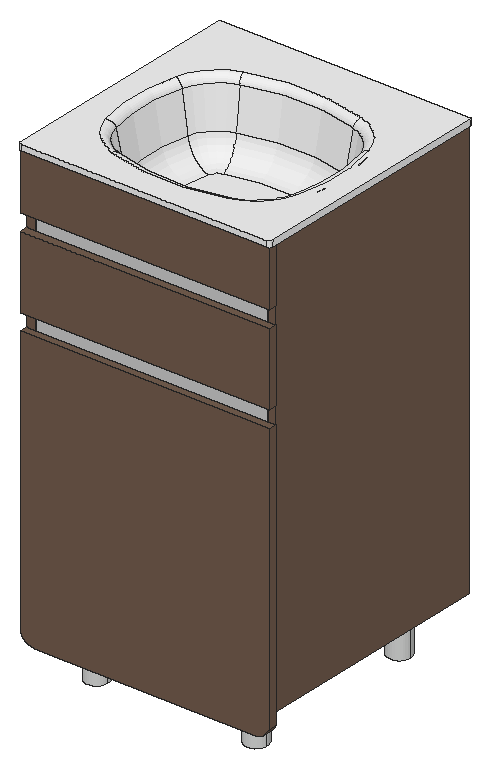
Revit family "604286091_Mueble Aluvia Habano 45X45", category Plumbing Fixtures, Revit 2019
Family settings
  Round Connector Dimension = Use Diameter
  Part Type = Normal
  OmniClass Number = 23.31.13.11
  OmniClass Title = Single Sinks
  Work Plane-Based = Yes
  Always vertical = Yes
  Cut with Voids When Loaded = No
  Shared = No
  Room Calculation Point = No
Parameters (values of type "Ref. 604286091 Mueble Aluvia Habano Con Lavamanos")
  Resistencia al rayado = "700 ciclos"  # constant formula
  Resistencia a la humedad = "8%"  # constant formula
  Profundidad = 440 mm
  Pieza en U = Corona_Poliestrieno_Gris
  Peso Neto aprox = "41 lb (18,6 kg)."  # constant formula
  Peso Bruto aprox = "43,4 lb (19,69 kg)."  # constant formula
  Garantia Madera = "1 año"  # constant formula
  URL = "https://corona.co/productos/muebles-para-banos/mueble-aluvia-a-piso/p/604286091"
  Dimensiones Generales (H * W * P) = "33,46” x 17,51” x 17,51” (850 x 445 x 445 mm)."  # constant formula
  Model = "Mueble aluvia miel LVM 45X45"  # constant formula
  Material Lavamanos = Corona_Cerámica_Sinterizada
  Manufacturer = "Corona"  # constant formula
  Material madera interior = Corona_Madera_Aglomerada_Plomo
  Material = Corona_Madera_Aglomerada_Habano
  Description = "La línea ALUVIA viene a entregar de manera asequible una solución perfecta que combina\r\ndiseño y funcionalidad, ALUVIA se inspira en el movimiento y caída del agua en la\r\nnaturaleza, es por ello de sus formas orgánicas donde podemos obtener un producto\r\ncompacto y de líneas fluidas, que se adapta en espacios pequeños.\r\nel pricipal benefico de los muebles de esta linea es ser un producto compacto que cuenta\r\ncon cajón y repisa brindándole al consumidor mayor capacidad de almacenamiento, como\r\nuna excelente solución para aquellos espacios pequeños.\r\n· Mueble compacto para espacios pequeños.\r\n· Lavamanos 100% en porcelana.\r\n· Grán capacidad de almacenamiento."  # constant formula
  Densidad = "15 mms 670 kg./m^3."  # constant formula
  Default Elevation = 1219.2 mm
  Date created = "08/07/2020"  # constant formula
  Created by = "IDD"  # constant formula
  Garantia Herrajes = "1 año"  # constant formula
  Carga máxima = "99,2 lb (45 kg)."  # constant formula
  Canto = "PVC rígido 2 mm de calibre."  # constant formula
  Patas = Corona_Acero
  Ancho = 445 mm
  Alto = 850 mm
Types (3, lengths in mm): name | Profundidad | URL | Material
  (no name) | 440 | "https://corona.co/productos/muebles-para-banos/mueble-aluvia-a-piso/p/604286091" | Corona_Madera_Aglomerada_Habano
  Ref. 604281711 Mueble Aluvia Miel Con Lavamanos | 430 | "https://corona.co/productos/muebles-para-banos/mueble-aluvia-a-piso/p/604281711" | Corona_Madera_Aglomerada_Miel
  Ref. 604286091 Mueble Aluvia Habano Con Lavamanos | 440 | "https://corona.co/productos/muebles-para-banos/mueble-aluvia-a-piso/p/604286091" | Corona_Madera_Aglomerada_Habano
Reference planes
  plane 1 "Center (Front/Back)": y = 0
  plane 2: z = 0
  plane 3 "Center (Left/Right)": x = 0
  plane 4: x = -222.5
  plane 5: x = 222.5
  plane 6: y = -430
  plane 7: z = 719
  plane 8: z = 749
  plane 9: z = 850
  plane 10: z = 589
  plane 11: z = 559
  plane 12: z = 115
  plane 13: z = 100
  plane 14: y = -15
  plane 15: y = -445
  plane 16: x = 207.5
  plane 17: x = -207.5
  plane 18: z = 315
  plane 19: z = 485
  plane 20: z = 695.425
  plane 21: z = 594
  plane 22: z = 98
  plane 23: z = 59
  plane 24: x = -55
  plane 25: x = -207.5
  plane 26: x = 55
  plane 27: x = 169.5
  plane 28: y = -85
  plane 29: y = -100
  plane 30: x = -149.5
  plane 31: z = 609
  plane 32: z = 798.425
  plane 33: z = 470
  plane 34: z = 500
  plane 35: x = -169.5
  plane 36: x = 149.5
Forms (mm)
  Extrusion 1, solid, material "Corona_Madera_Aglomerada_Habano" <- "Material", detail levels medium+fine
    sketch origin (0, 0, 0) x (1, 0, 0) y (0, 1, 0)
      loop
        line (-222.5, 0) -> (-222.5, -430) -> (222.5, -430) -> (222.5, 0) -> (-222.5, 0)
    from 100 to 850
  Extrusion 2, void, detail levels medium+fine
    sketch origin (0, 0, 0) x (1, 0, 0) y (0, 1, 0)
      loop
        line (-207.5, 0) -> (-207.5, -430) -> (207.5, -430) -> (207.5, 0) -> (-207.5, 0)
    from 115 to 850
  Extrusion 3, solid, material "Corona_Madera_Aglomerada_Habano" <- "Material"
    sketch origin (0, 0, 0) x (1, 0, 0) y (0, 1, 0)
      loop
        line (222.5, -445) -> (222.5, -430) -> (-222.5, -430) -> (-222.5, -445) -> (222.5, -445)
    from 749 to 850
  Extrusion 4, solid, material "Corona_Madera_Aglomerada_Habano" <- "Material"
    sketch origin (0, 0, 0) x (1, 0, 0) y (0, 1, 0)
      loop
        line (-222.5, -430) -> (-222.5, -445) -> (222.5, -445) -> (222.5, -430) -> (-222.5, -430)
    from 589 to 719
  Extrusion 5, solid, material "Corona_Madera_Aglomerada_Habano" <- "Material"
    sketch origin (0, 0, 5) x (0, 1, 0) y (0, 0, 1)
      loop
        line (-15, 310) -> (-15, 325) -> (-420, 325) -> (-420, 310) -> (-15, 310)
    from -207.5 to 207.5
  Extrusion 6, solid, material "Corona_Madera_Aglomerada_Plomo" <- "Material madera interior"
    sketch origin (0, 5, 0) x (0, 1, 0) y (0, 0, 1)
      loop
        line (-435, 589) -> (-435, 485) -> (-425, 485) -> (-425, 589) -> (-435, 589)
    from -207.5 to 207.5
  Extrusion 7, solid, material "Corona_Madera_Aglomerada_Plomo" <- "Material madera interior"
    sketch origin (0, 20.2, 209.8) x (0, 1, 0) y (0, 0, 1)
      loop
        line (-450.2, 588.625) -> (-450.2, 485.625) -> (-440.2, 485.625) -> (-440.2, 588.625) -> (-450.2, 588.625)
    from -207.5 to 207.5
  Extrusion 8, solid, material "Corona_Madera_Aglomerada_Habano" <- "Material"
    sketch origin (0, 0, 0) x (0, 1, 0) y (0, 0, 1)
      loop
        line (-85, 609) -> (-430, 609) -> (-430, 594) -> (-85, 594) -> (-85, 609)
    from -169.5 to 169.5
  Extrusion 9, void
    sketch origin (0, 0, 0) x (1, 0, 0) y (0, 1, 0)
      loop
        line (-53, -85) -> (-53, -296.29)
        arc (-53, -296.29) -> (0, -349.29) -> (53, -296.29) r 53
        line (53, -296.29) -> (53, -85) -> (-53, -85)
    from 594 to 734.611
  Extrusion 10, solid, material "Corona_Acero" <- "Patas"
    sketch origin (0, 0, 0) x (1, 0, 0) y (0, 1, 0)
      loop
        line (-172.5, -25) -> (-172.5, -85) -> (-112.5, -85) -> (-112.5, -25) -> (-172.5, -25)
      loop
        line (-172.5, -405) -> (-112.5, -405) -> (-112.5, -345) -> (-172.5, -345) -> (-172.5, -405)
      loop
        line (172.5, -25) -> (112.5, -25) -> (112.5, -85) -> (172.5, -85) -> (172.5, -25)
      loop
        line (172.5, -405) -> (172.5, -345) -> (112.5, -345) -> (112.5, -405) -> (172.5, -405)
    from 98 to 100
  Extrusion 11, solid, material "Corona_Acero" <- "Patas"
    sketch origin (0, 0, 0) x (1, 0, 0) y (0, 1, 0)
      loop
        circle (-142.5, -55) r 20
      loop
        circle (-142.5, -375) r 20
      loop
        circle (142.5, -55) r 20
      loop
        circle (142.5, -375) r 20
    from 0 to 98
  Extrusion 12, solid, material "Corona_Madera_Aglomerada_Habano" <- "Material"
    sketch origin (0, 0, 0) x (1, 0, 0) y (0, 0, 1)
      loop
        line (222.5, 559) -> (-222.5, 559) -> (-222.5, 77.727)
        arc (-222.5, 77.727) -> (-212.63, 64.853) -> (-197.5, 59) r 30
        line (-197.5, 59) -> (197.5, 59)
        arc (197.5, 59) -> (212.63, 64.853) -> (222.5, 77.727) r 30
        line (222.5, 77.727) -> (222.5, 559)
    from 430 to 445
  Extrusion 13, solid, material "Corona_Madera_Aglomerada_Habano" <- "Material"
    sketch origin (0, 0, -130.4) x (0, 1, 0) y (0, 0, 1)
      loop
        line (-330, 615.4) -> (-430, 615.4) -> (-430, 600.4) -> (-330, 600.4) -> (-330, 615.4)
    from -207.5 to 207.5
  Extrusion 14, solid, material "Corona_Madera_Aglomerada_Habano" <- "Material"
    sketch origin (-331.024, 9.8, 44.8) x (0, 1, 0) y (0, 0, 1)
      loop
        line (-94.8, 650.625) -> (-439.8, 650.625) -> (-439.8, 564.2) -> (-94.8, 564.2) -> (-94.8, 650.625)
    from 161.524 to 176.524
  Extrusion 15, solid, material "Corona_Madera_Aglomerada_Habano" <- "Material", detail levels coarse
    sketch origin (0, 0, 0) x (1, 0, 0) y (0, 1, 0)
      loop
        line (-222.5, -445) -> (222.5, -445) -> (222.5, 0) -> (-222.5, 0) -> (-222.5, -445)
    from 0 to 860
  Extrusion 16, solid, material "Corona_Madera_Aglomerada_Habano" <- "Material"
    sketch origin (331.024, 9.8, 44.8) x (0, 1, 0) y (0, 0, -1)
      loop
        line (-94.8, -650.625) -> (-94.8, -564.2) -> (-439.8, -564.2) -> (-439.8, -650.625) -> (-94.8, -650.625)
    from 161.524 to 176.524
  Extrusion 17, solid, material "Corona_Madera_Aglomerada_Habano" <- "Material"
    sketch origin (305.824, 9.8, 44.6) x (0, 1, 0) y (0, 0, -1)
      loop
        line (-94.8, -650.825) -> (-94.8, -564.4) -> (-109.8, -564.4) -> (-109.8, -650.825) -> (-94.8, -650.825)
    from 151.324 to 250.824
  Extrusion 18, solid, material "Corona_Madera_Aglomerada_Habano" <- "Material"
    sketch origin (-313.824, 9.8, 44.6) x (0, 1, 0) y (0, 0, 1)
      loop
        line (-94.8, 650.825) -> (-109.8, 650.825) -> (-109.8, 564.4) -> (-94.8, 564.4) -> (-94.8, 650.825)
    from 159.324 to 258.824
  Extrusion 19, solid, material "Corona_Poliestrieno_Gris" <- "Pieza en U"
    sketch origin (0, 0, 0) x (1, 0, 0) y (0, 1, 0)
      loop
        line (-53, -85) -> (-55, -85) -> (-55, -296.29)
        arc (-55, -296.29) -> (0, -351.29) -> (55, -296.29) r 55
        line (55, -296.29) -> (55, -85) -> (53, -85) -> (53, -296.29)
        arc (53, -296.29) -> (0, -349.29) -> (-53, -296.29) r 53
        line (-53, -296.29) -> (-53, -85)
    from 609 to 695.425
Cuts and joins
  Extrusion 2, Extrusion 9 cuts Extrusion 1
  Extrusion 9 cuts Extrusion 5
  Extrusion 9 cuts Extrusion 8
Dimensions and locks
  equal spacing: plane 4, plane 3 "Center (Left/Right)", plane 5
  plane 15 to plane 1 "Center (Front/Back)" = 445 mm  (x2)
  "Ancho": plane 4 to plane 5
  plane 13 to plane 12 = 15 mm
  Extrusion 13 to plane 12 = 355 mm
  level to plane 13 = 100 mm
  level to plane 23 = 59 mm
  plane 12 to plane 18 = 200 mm
  plane 15 to plane 6 = 15 mm  (x2)
  plane 4 to plane 17 = 15 mm
  plane 13 to level = 100 mm  (x2)
  plane 18 to plane 12 = 200 mm  (x2)
  plane 12 to Extrusion 13 = 355 mm
  plane 9 to plane 8 = 101 mm
  plane 8 to plane 7 = 30 mm
  plane 10 to plane 7 = 130 mm
  plane 10 to plane 11 = 30 mm
  Extrusion 3 to plane 28 = 345 mm
  "Alto": plane 9 to level
  plane 23 to level = 59 mm
  plane 17 to plane 16 = 415 mm
  plane 16 to plane 5 = 15 mm
  plane 25 to plane 27 = 377 mm  (x2)
  plane 20 to plane 31 = 86.425 mm
  plane 1 "Center (Front/Back)" to plane 15 = 445 mm
  plane 28 to plane 6 = 345 mm
  plane 24 to plane 26 = 110 mm
  plane 16 to plane 17 = 415 mm
  plane 32 to plane 20 = 103 mm
  plane 34 to level = 500 mm
  plane 29 to plane 28 = 15 mm
  plane 30 to plane 24 = 94.5 mm
  plane 26 to plane 36 = 94.5 mm
  aligned and locked: level to plane 2
  aligned and locked: plane 1 "Center (Front/Back)" to Extrusion 1 sketch curve
  aligned and locked: Extrusion 1 sketch curve to plane 5
  aligned and locked: plane 6 to Extrusion 1 sketch curve
  aligned and locked: plane 4 to Extrusion 1 sketch curve
  aligned and locked: Extrusion 3 to cut or joined group of Extrusion 1, Extrusion 2, Extrusion 9
  aligned and locked: Extrusion 3 to plane 8
  aligned and locked: Extrusion 4 to plane 7
  aligned and locked: Extrusion 4 to plane 10
  aligned and locked: Extrusion 2 to plane 12
  aligned and locked: Extrusion 2 to plane 6
  aligned and locked: plane 17 to Extrusion 2
  aligned and locked: plane 16 to Extrusion 2
  aligned and locked: cut or joined group of Extrusion 1, Extrusion 2, Extrusion 9 to Extrusion 5  (x2)
  aligned and locked: cut or joined group of Extrusion 1, Extrusion 2, Extrusion 9 to Extrusion 6  (x2)
  aligned and locked: Extrusion 9 to plane 21
  aligned and locked: Extrusion 1 to plane 13
  aligned and locked: Extrusion 10 to cut or joined group of Extrusion 1, Extrusion 2, Extrusion 9
  aligned and locked: Extrusion 10 to plane 22
  aligned and locked: Extrusion 11 to Extrusion 10
  aligned and locked: Extrusion 11 to level
  aligned and locked: plane 11 to Extrusion 12
  aligned and locked: Extrusion 12 to Extrusion 4
  aligned and locked: plane 6 to Extrusion 12
  aligned and locked: Extrusion 4 to Extrusion 3
  aligned and locked: plane 15 to Extrusion 3
  aligned and locked: Extrusion 8 to plane 27
  aligned and locked: plane 31 to cut or joined group of Extrusion 8, Extrusion 9
  aligned and locked: plane 9 to Extrusion 3
  aligned and locked: Extrusion 5 to plane 18
  aligned and locked: Extrusion 12 to plane 23
  aligned and locked: Extrusion 7 to plane 20
  aligned and locked: plane 32 to Extrusion 7
  aligned and locked: plane 10 to Extrusion 6
  aligned and locked: Extrusion 15 sketch curve to plane 4
  aligned and locked: plane 1 "Center (Front/Back)" to Extrusion 15 sketch curve
  aligned and locked: plane 15 to Extrusion 15 sketch curve
  aligned and locked: plane 5 to Extrusion 15 sketch curve
  aligned and locked: plane 17 to Extrusion 5
  aligned and locked: plane 16 to Extrusion 5
  aligned and locked: Extrusion 12 to plane 4
  aligned and locked: plane 5 to Extrusion 12
  aligned and locked: Extrusion 15 to level
  aligned and locked: nested 1 to Extrusion 15
  aligned and locked: plane 9 to cut or joined group of Extrusion 1, Extrusion 2, Extrusion 9
  aligned and locked: Extrusion 8 to plane 21
  aligned and locked: Extrusion 8 to Extrusion 9
  aligned and locked: plane 20 to Extrusion 14
  aligned and locked: cut or joined group of Extrusion 1, Extrusion 2, Extrusion 9 to Extrusion 7  (x2)
  aligned and locked: Extrusion 4 to Extrusion 6
  aligned and locked: plane 22 to Extrusion 11
  aligned and locked: Extrusion 9 to Extrusion 8
  aligned and locked: Extrusion 8 to Extrusion 14  (x2)
  aligned and locked: Extrusion 8 to plane 6
  aligned and locked: cut or joined group of Extrusion 1, Extrusion 2, Extrusion 9 to Extrusion 13
  aligned and locked: Extrusion 6 to Extrusion 13
  aligned and locked: plane 19 to Extrusion 13
  aligned and locked: plane 33 to Extrusion 13
  aligned and locked: plane 29 to Extrusion 18
  aligned and locked: plane 29 to Extrusion 17
  aligned and locked: Extrusion 8 to plane 28
  aligned and locked: plane 24 to Extrusion 19
  aligned and locked: Extrusion 18 to plane 24
  aligned and locked: plane 26 to Extrusion 17
  aligned and locked: Extrusion 14 to plane 35
  aligned and locked: Extrusion 16 to plane 27
Automatic sketch dimensions
  Extrusion 2 sketch curve to plane 6 = 0 mm
  Extrusion 2 sketch curve to plane 17 = 0 mm
  Extrusion 2 sketch curve to plane 16 = 0 mm
  plane 1 "Center (Front/Back)" to Extrusion 2 sketch curve = 0 mm
  Extrusion 3 sketch curve to plane 4 = 0 mm
  Extrusion 3 sketch curve to plane 5 = 0 mm
  plane 15 to Extrusion 3 sketch curve = 0 mm
  Extrusion 3 sketch curve to plane 6 = 0 mm
  Extrusion 4 sketch curve to plane 4 = 0 mm
  Extrusion 4 sketch curve to plane 5 = 0 mm
  plane 15 to Extrusion 4 sketch curve = 0 mm
  Extrusion 4 sketch curve to plane 6 = 0 mm
  Extrusion 5 sketch curve to plane 18 = 0 mm
  Extrusion 5 sketch curve to plane 14 = 0 mm
  plane 6 to Extrusion 5 sketch curve = 10 mm
  Extrusion 5 sketch curve to Extrusion 5 sketch curve = 15 mm
  Extrusion 6 sketch curve to plane 6 = 0 mm
  Extrusion 6 sketch curve to plane 10 = 0 mm
  Extrusion 6 sketch curve to plane 19 = 0 mm
  plane 6 to Extrusion 6 sketch curve = 10 mm
  Extrusion 7 sketch curve to plane 6 = 0 mm
  Extrusion 7 sketch curve to plane 32 = 0 mm
  Extrusion 7 sketch curve to plane 20 = 0 mm
  plane 6 to Extrusion 7 sketch curve = 10 mm
  Extrusion 8 sketch curve to plane 6 = 0 mm
  Extrusion 8 sketch curve to plane 21 = 0 mm
  Extrusion 8 sketch curve to plane 28 = 0 mm
  Extrusion 8 sketch curve to plane 31 = 0 mm
  Extrusion 9 sketch curve to plane 28 = 0 mm
  Extrusion 9 sketch curve to plane 3 "Center (Left/Right)" = 0 mm
  Extrusion 9 sketch curve to plane 24 = 2 mm
  plane 6 to Extrusion 9 sketch curve = 133.71 mm
  Extrusion 12 sketch curve to plane 4 = 0 mm
  Extrusion 12 sketch curve to plane 23 = 0 mm
  Extrusion 12 sketch curve to plane 5 = 0 mm
  Extrusion 12 sketch curve to plane 11 = 0 mm
  Extrusion 12 sketch curve to plane 17 = 10 mm
  Extrusion 12 sketch curve to plane 22 = 9.136 mm  (x2)
  plane 4 to Extrusion 12 sketch curve = 27.856 mm
  Extrusion 12 sketch curve to plane 5 = 27.856 mm
  Extrusion 12 sketch curve to plane 16 = 10 mm
  Extrusion 13 sketch curve to plane 6 = 0 mm
  Extrusion 13 sketch curve to plane 33 = 0 mm
  Extrusion 13 sketch curve to plane 19 = 0 mm
  Extrusion 13 sketch curve to Extrusion 13 sketch curve = 100 mm
  Extrusion 14 sketch curve to plane 6 = 0 mm
  Extrusion 14 sketch curve to plane 28 = 0 mm
  Extrusion 14 sketch curve to plane 31 = 0 mm
  plane 20 to Extrusion 14 sketch curve = 0 mm
  Extrusion 16 sketch curve to plane 6 = 0 mm
  Extrusion 16 sketch curve to plane 28 = 0 mm
  Extrusion 16 sketch curve to plane 20 = 0 mm
  Extrusion 16 sketch curve to plane 31 = 0 mm
  plane 6 to Extrusion 17 sketch curve = 330 mm
  Extrusion 17 sketch curve to plane 28 = 0 mm
  Extrusion 17 sketch curve to plane 20 = 0 mm
  Extrusion 17 sketch curve to plane 31 = 0 mm
  plane 6 to Extrusion 18 sketch curve = 330 mm
  Extrusion 18 sketch curve to plane 28 = 0 mm
  Extrusion 18 sketch curve to plane 31 = 0 mm
  Extrusion 18 sketch curve to plane 20 = 0 mm
  plane 28 to Extrusion 19 sketch curve = 0 mm  (x2)
  Extrusion 19 sketch curve to plane 3 "Center (Left/Right)" = 0 mm
  Extrusion 19 sketch curve to plane 24 = 2 mm
  plane 6 to Extrusion 19 sketch curve = 133.71 mm
  Extrusion 19 sketch curve to Extrusion 19 sketch curve = 0 mm  (x2)
  Extrusion 19 sketch curve to plane 24 = 0 mm
  Extrusion 11 sketch curve to plane 30 = 7 mm  (x2)
  Extrusion 11 sketch curve to plane 36 = 7 mm  (x2)
  plane 6 to Extrusion 11 sketch curve = 55 mm  (x2)
  Extrusion 11 sketch curve to plane 28 = 30 mm  (x2)
  plane 28 to Extrusion 10 sketch curve = 0 mm  (x2)
  Extrusion 10 sketch curve to plane 35 = 3 mm  (x2)
  Extrusion 10 sketch curve to plane 30 = 37 mm  (x2)
  Extrusion 10 sketch curve to plane 36 = 37 mm  (x2)
  Extrusion 10 sketch curve to plane 14 = 10 mm  (x2)
  Extrusion 10 sketch curve to plane 27 = 3 mm  (x2)
  plane 6 to Extrusion 10 sketch curve = 85 mm  (x2)
  plane 6 to Extrusion 10 sketch curve = 25 mm  (x2)
  radius of Extrusion 11 sketch curve = 20 mm  (x4)
Nested families
  nested 1: "Lavamanos_Aluvia" at (0, 3.157, 850), type "Lavamanos_Aluvia", detail levels medium+fine
  nested 2: "Family11" at (0, 0, 0), type "Family11"
  nested 3: "Family1" at (0, 0, 0) x (1, 0, 0) z (0, -1, 0), type "Family1"
  nested 4: "Family2" at (0, -222.5, 0) x (0, 1, 0) z (1, 0, 0), type "Family2"
Definition of nested family "Lavamanos_Aluvia"
  Parameters (values of type "Lavamanos_Aluvia")
    Width = 450 mm
    Material Lavamanos = none
    Height = 122 mm
    Depth = 450 mm
    Date Created = "08/07/2020"  # constant formula
    Created by = "IDD"  # constant formula
  Reference planes
    plane 1 "Center (Front/Back)": y = 0
    plane 2: z = 0
    plane 3 "Center (Left/Right)": x = 0
    plane 4: y = -450
    plane 5: x = 225
    plane 6: x = -225
    plane 7: z = 10
    plane 8: z = -112
  Forms (mm)
    Extrusion 1, solid, material <- "Material Lavamanos"
      sketch origin (0, 0, 0) x (1, 0, 0) y (0, 1, 0)
        loop
          arc (-222.603, 0) -> (-224.013, -0.987) -> (-225, -2.397) r 4.953
          line (-225, -2.397) -> (-225, -443.917)
          arc (-225, -443.917) -> (-223.218, -448.218) -> (-218.917, -450) r 6.083
          line (-218.917, -450) -> (218.917, -450)
          arc (218.917, -450) -> (223.218, -448.218) -> (225, -443.917) r 6.083
          line (225, -443.917) -> (225, -2.397)
          arc (225, -2.397) -> (224.013, -0.987) -> (222.603, 0) r 4.953
          line (222.603, 0) -> (-222.603, 0)
        loop
          arc (-106.389, -388.635) -> (-1.549, -405.801) -> (103.665, -391.099) r 354.127
          arc (103.665, -391.099) -> (146.466, -365.335) -> (171.463, -322.081) r 100
          arc (171.463, -322.081) -> (182.378, -242.183) -> (171.463, -162.286) r 297.871
          arc (171.463, -162.286) -> (146.466, -119.032) -> (103.665, -93.267) r 100
          arc (103.665, -93.267) -> (-1.549, -78.565) -> (-106.389, -95.732) r 354.127
          arc (-106.389, -95.732) -> (-148.087, -121.977) -> (-172.191, -164.948) r 100
          arc (-172.191, -164.948) -> (-182.378, -242.183) -> (-172.191, -319.419) r 297.871
          arc (-172.191, -319.419) -> (-148.087, -362.39) -> (-106.389, -388.635) r 100
      from 0 to 10
    Sweep 2, solid, material <- "Material Lavamanos"
      path origin (0, 0, 10) x (1, 0, 0) y (0, 1, 0)
        loop
          arc (-106.389, -95.732) -> (-148.087, -121.977) -> (-172.191, -164.948) r 100
          arc (-172.191, -164.948) -> (-182.378, -242.183) -> (-172.191, -319.419) r 297.871
          arc (-172.191, -319.419) -> (-148.087, -362.39) -> (-106.389, -388.635) r 100
          arc (-106.389, -388.635) -> (-1.549, -405.801) -> (103.665, -391.099) r 354.127
          arc (103.665, -391.099) -> (146.466, -365.335) -> (171.463, -322.081) r 100
          arc (171.463, -322.081) -> (182.378, -242.183) -> (171.463, -162.286) r 297.871
          arc (171.463, -162.286) -> (146.466, -119.032) -> (103.665, -93.267) r 100
          arc (103.665, -93.267) -> (-1.549, -78.565) -> (-106.389, -95.732) r 354.127
      profile origin (-1.549, -78.565, 10) x (-0.011731, 0.999931, 0) y (0, 0, 1)
        loop
          line (-14.72, -12.118) -> (-28.327, -81.608)
          arc (-28.327, -81.608) -> (-45.617, -110.603) -> (-77.395, -122) r 50
          line (-77.395, -122) -> (-77.395, -132)
          arc (-77.395, -132) -> (-39.262, -118.324) -> (-18.513, -83.529) r 60
          line (-18.513, -83.529) -> (-4.907, -14.039)
          arc (-4.907, -14.039) -> (-3.178, -11.14) -> (0, -10) r 5
          line (0, -10) -> (0, 0)
          arc (0, 0) -> (-9.533, -3.419) -> (-14.72, -12.118) r 15
    Extrusion 3, solid, material <- "Material Lavamanos"
      sketch origin (0, 0, 0) x (1, 0, 0) y (0, 1, 0)
        loop
          arc (-82.568, -169.369) -> (-91.994, -175.302) -> (-97.443, -185.016) r 22.605
          arc (-97.443, -185.016) -> (-104.983, -242.183) -> (-97.443, -299.351) r 220.476
          arc (-97.443, -299.351) -> (-91.994, -309.064) -> (-82.568, -314.997) r 22.605
          arc (-82.568, -314.997) -> (-0.641, -328.412) -> (81.578, -316.923) r 276.732
          arc (81.578, -316.923) -> (91.253, -311.099) -> (96.904, -301.321) r 22.605
          arc (96.904, -301.321) -> (104.983, -242.183) -> (96.904, -183.045) r 220.476
          arc (96.904, -183.045) -> (91.253, -173.268) -> (81.578, -167.444) r 22.605
          arc (81.578, -167.444) -> (-0.641, -155.955) -> (-82.568, -169.369) r 276.732
      from -122 to -112
    Extrusion 4, void
      sketch origin (0, 0, 0) x (1, 0, 0) y (0, 1, 0)
        loop
          circle (0, -242.183) r 21.75
      from -167.798 to -32.448
    Extrusion 5, solid, material <- "Material Lavamanos"
      sketch origin (0, 0, 0) x (1, 0, 0) y (0, 1, 0)
        loop
          circle (0, -242.183) r 21.75
      from -129.568 to -122
  Cuts and joins
    Extrusion 4 cuts Extrusion 1
    Extrusion 4 cuts Sweep 2
    Extrusion 4 cuts Extrusion 3
    joined: Extrusion 1, Sweep 2, Extrusion 3
  Dimensions and locks
    equal spacing: plane 6, plane 3 "Center (Left/Right)", plane 5
    "Width": plane 6 to plane 5
    "Depth": plane 4 to plane 1 "Center (Front/Back)"
    level to plane 7 = 10 mm
    "Height": plane 8 to plane 7
    aligned and locked: level to plane 2
    aligned and locked: plane 1 "Center (Front/Back)" to Extrusion 1 sketch curve
    aligned and locked: plane 4 to Extrusion 1 sketch curve
    aligned and locked: Extrusion 1 sketch curve to plane 5
    aligned and locked: plane 6 to Extrusion 1 sketch curve
  Automatic sketch dimensions
    plane 6 to Extrusion 1 sketch curve = 2.397 mm
    plane 6 to Extrusion 1 sketch curve = 4.489 mm
    plane 6 to Extrusion 1 sketch curve = 6.083 mm
    plane 6 to Extrusion 1 sketch curve = 109.507 mm
    Extrusion 1 sketch curve to Extrusion 1 sketch curve = 39.882 mm
    Extrusion 1 sketch curve to plane 3 "Center (Left/Right)" = 75.611 mm
    plane 3 "Center (Left/Right)" to Extrusion 1 sketch curve = 2.605 mm  (x2)
    plane 3 "Center (Left/Right)" to Extrusion 1 sketch curve = 75.127 mm  (x2)
    Extrusion 1 sketch curve to Extrusion 1 sketch curve = 40.365 mm
    Extrusion 1 sketch curve to plane 5 = 6.083 mm
    Extrusion 1 sketch curve to plane 5 = 4.489 mm
    Extrusion 1 sketch curve to plane 5 = 2.397 mm
    plane 4 to Extrusion 1 sketch curve = 17.332 mm
    plane 4 to Extrusion 1 sketch curve = 154.742 mm
    Extrusion 1 sketch curve to Extrusion 1 sketch curve = 1.768 mm
    Extrusion 1 sketch curve to Extrusion 1 sketch curve = 53.075 mm  (x2)
    Extrusion 1 sketch curve to Extrusion 1 sketch curve = 51.306 mm  (x2)
    plane 1 "Center (Front/Back)" to Extrusion 1 sketch curve = 51.699 mm
    plane 1 "Center (Front/Back)" to Extrusion 1 sketch curve = 4.489 mm  (x2)
    plane 6 to Extrusion 1 sketch curve = 52.809 mm
    Extrusion 1 sketch curve to Extrusion 1 sketch curve = 0 mm  (x7)
    Sweep 2 sketch curve to Extrusion 1 = 95.732 mm
    Sweep 2 sketch curve to Extrusion 1 = 53.537 mm  (x2)
    Sweep 2 sketch curve to Extrusion 1 = 109.507 mm
    Sweep 2 sketch curve to Sweep 2 sketch curve = 0 mm  (x8)
    Sweep 2 sketch curve to Sweep 2 sketch curve = 96.336 mm
    Sweep 2 sketch curve to Sweep 2 sketch curve = 67.798 mm
    Sweep 2 sketch curve to Extrusion 1 = 51.699 mm
    Sweep 2 sketch curve to Sweep 2 sketch curve = 108.994 mm
    Sweep 2 sketch curve to Sweep 2 sketch curve = 39.882 mm
    Sweep 2 sketch curve to Extrusion 1 = 52.809 mm  (x2)
    Sweep 2 sketch curve to Sweep 2 sketch curve = 40.365 mm
    Sweep 2 sketch curve to profile plane = 0 mm
    profile plane to Sweep 2 sketch curve = 0 mm
    profile plane to Sweep 2 sketch curve = 4.907 mm
    Sweep 2 sketch curve to profile plane = 12.118 mm
    Sweep 2 sketch curve to Sweep 2 sketch curve = 9.814 mm  (x2)
    profile plane to Sweep 2 sketch curve = 18.513 mm
    Sweep 2 sketch curve to Sweep 2 sketch curve = 49.068 mm
    Sweep 2 sketch curve to profile plane = 72 mm
    Sweep 2 sketch curve to Sweep 2 sketch curve = 9.608 mm
    Sweep 2 sketch curve to Sweep 2 sketch curve = 1.922 mm
    Sweep 2 sketch curve to Sweep 2 sketch curve = 0.961 mm
    plane 3 "Center (Left/Right)" to Extrusion 3 sketch curve = 2.605 mm  (x2)
    plane 3 "Center (Left/Right)" to Extrusion 3 sketch curve = 75.127 mm
    plane 4 to Extrusion 3 sketch curve = 17.332 mm
    plane 1 "Center (Front/Back)" to Extrusion 3 sketch curve = 189.109 mm
    Extrusion 3 sketch curve to plane 3 "Center (Left/Right)" = 82.568 mm
    Extrusion 3 sketch curve to Extrusion 3 sketch curve = 6.451 mm
    Extrusion 3 sketch curve to Extrusion 3 sketch curve = 0 mm  (x7)
    Extrusion 3 sketch curve to Extrusion 3 sketch curve = 15.326 mm  (x2)
    Extrusion 3 sketch curve to Extrusion 3 sketch curve = 32.924 mm  (x2)
    plane 3 "Center (Left/Right)" to Extrusion 3 sketch curve = 96.904 mm
    Extrusion 3 sketch curve to Extrusion 3 sketch curve = 21.777 mm
    Extrusion 3 sketch curve to Extrusion 3 sketch curve = 6.957 mm
    Extrusion 3 sketch curve to Extrusion 3 sketch curve = 14.874 mm  (x2)
    Extrusion 3 sketch curve to Extrusion 3 sketch curve = 18.589 mm
    Extrusion 4 sketch curve to Extrusion 4 sketch curve = 0 mm  (x2)
    Extrusion 4 sketch curve to plane 3 "Center (Left/Right)" = 0 mm
    plane 4 to Extrusion 4 sketch curve = 207.817 mm
    Extrusion 4 sketch curve to plane 3 "Center (Left/Right)" = 21.75 mm
    Extrusion 5 sketch curve to Extrusion 5 sketch curve = 0 mm  (x2)
    Extrusion 5 sketch curve to plane 3 "Center (Left/Right)" = 0 mm
    plane 4 to Extrusion 5 sketch curve = 207.817 mm
    Extrusion 5 sketch curve to plane 3 "Center (Left/Right)" = 21.75 mm
    radius of Sweep 2 sketch curve to Extrusion 1 = 0 mm  (x2)
  Connectors
    piping at (0, -242.183, -129.568), diameter 350
      settings: on Extrusion 5, index 1, connector inside diameter 609.6 mm, connector length 0 mm, flow factor 0, pipe flow 0.0 L/s, pressure drop 0.0 Pa, fitting loss kfactor 0, connector angle 0.00°, fixture units 0, engagement length 0 mm, angle of deflection 0.00°, flow configuration 0, flow direction 0, fitting loss method 0, system type 7, joint type 0, gender type 0, connector reference index -1, connector utility 0, adjustable connector no, is connector primary yes, connector description ""
Definition of nested family "Family11"
  Reference planes
    plane 1 "Center (Front/Back)": y = 0
    plane 2: z = 0
    plane 3 "Center (Left/Right)": x = 0
  Lines and regions (mm)
    detail lines, in view "Ref. Level"
      curve 1: line (-222.5, -445, 0) -> (222.5, -445, 0)
      curve 2: line (-222.5, 0, 0) -> (-222.5, -445, 0)
      curve 3: line (222.5, 0, 0) -> (-222.5, 0, 0)
      curve 4: line (222.5, -445, 0) -> (222.5, 0, 0)
      curve 5: line (-172.5, -25, 0) -> (-112.5, -25, 0)
      curve 6: line (-172.5, -85, 0) -> (-172.5, -25, 0)
      curve 7: line (-112.5, -85, 0) -> (-172.5, -85, 0)
      curve 8: line (-112.5, -25, 0) -> (-112.5, -85, 0)
      curve 9: line (172.5, -25, 0) -> (112.5, -25, 0)
      curve 10: line (172.5, -85, 0) -> (172.5, -25, 0)
      curve 11: line (112.5, -85, 0) -> (172.5, -85, 0)
      curve 12: line (112.5, -25, 0) -> (112.5, -85, 0)
      curve 13: line (-172.5, -405, 0) -> (-112.5, -405, 0)
      curve 14: line (-172.5, -345, 0) -> (-172.5, -405, 0)
      curve 15: line (-112.5, -345, 0) -> (-172.5, -345, 0)
      curve 16: line (-112.5, -405, 0) -> (-112.5, -345, 0)
      curve 17: line (172.5, -405, 0) -> (112.5, -405, 0)
      curve 18: line (172.5, -345, 0) -> (172.5, -405, 0)
      curve 19: line (112.5, -345, 0) -> (172.5, -345, 0)
      curve 20: line (112.5, -405, 0) -> (112.5, -345, 0)
      curve 21: arc (-162.5, -55, 0) -> (-142.5, -75, 0) -> (-122.5, -55, 0) r 20
      curve 22: arc (-122.5, -55, 0) -> (-142.5, -35, 0) -> (-162.5, -55, 0) r 20
      curve 23: arc (162.5, -55, 0) -> (142.5, -35, 0) -> (122.5, -55, 0) r 20
      curve 24: arc (122.5, -55, 0) -> (142.5, -75, 0) -> (162.5, -55, 0) r 20
      curve 25: arc (-162.5, -375, 0) -> (-142.5, -395, 0) -> (-122.5, -375, 0) r 20
      curve 26: arc (-122.5, -375, 0) -> (-142.5, -355, 0) -> (-162.5, -375, 0) r 20
      curve 27: arc (162.5, -375, 0) -> (142.5, -355, 0) -> (122.5, -375, 0) r 20
      curve 28: arc (122.5, -375, 0) -> (142.5, -395, 0) -> (162.5, -375, 0) r 20
      curve 29: line (-222.5, -430, 0) -> (222.5, -430, 0)
      curve 30: line (-207.5, -420, 0) -> (207.5, -420, 0)
      curve 31: line (-207.5, -15, 0) -> (-207.5, -420, 0)
      curve 32: line (207.5, -420, 0) -> (207.5, -15, 0)
      curve 33: line (207.5, -15, 0) -> (-207.5, -15, 0)
      curve 34: line (112.5, -85, 0) -> (53, -85, 0)
      curve 35: line (-53, -85, 0) -> (-112.5, -85, 0)
      curve 36: arc (-53, -296.29, 0) -> (0, -349.29, 0) -> (53, -296.29, 0) r 53
      curve 37: line (53, -296.29, 0) -> (53, -85, 0)
      curve 38: line (-53, -85, 0) -> (-53, -296.29, 0)
Definition of nested family "Family1"
  Reference planes
    plane 1 "Center (Front/Back)": y = 0
    plane 2: z = 0
    plane 3 "Center (Left/Right)": x = 0
  Lines and regions (mm)
    detail lines, in view "Ref. Level"
      curve 1: line (-207.5, 59, 0) -> (207.5, 59, 0)
      curve 2: line (222.5, 74, 0) -> (222.5, 850, 0)
      curve 3: line (222.5, 850, 0) -> (-222.5, 850, 0)
      curve 4: line (-222.5, 850, 0) -> (-222.5, 74, 0)
      curve 5: line (-222.5, 100, 0) -> (222.5, 100, 0)
      curve 6: line (-207.5, 115, 0) -> (207.5, 115, 0)
      curve 7: line (-207.5, 315, 0) -> (207.5, 315, 0)
      curve 8: line (-207.5, 330, 0) -> (207.5, 330, 0)
      curve 9: line (-207.5, 850, 0) -> (-207.5, 115, 0)
      curve 10: line (207.5, 115, 0) -> (207.5, 850, 0)
      curve 11: line (-207.5, 470, 0) -> (207.5, 470, 0)
      curve 12: line (-207.5, 485, 0) -> (207.5, 485, 0)
      curve 13: line (-182.5, 0, 0) -> (-182.5, 100, 0)
      curve 14: line (-142.5, 0, 0) -> (-182.5, 0, 0)
      curve 15: line (-142.5, 100, 0) -> (-142.5, 0, 0)
      curve 16: line (182.5, 0, 0) -> (182.5, 100, 0)
      curve 17: line (142.5, 0, 0) -> (182.5, 0, 0)
      curve 18: line (142.5, 100, 0) -> (142.5, 0, 0)
      curve 19: line (-132.5, -92.312, 0) -> (-132.5, -92.312, -30)
      curve 20: line (132.5, -92.312, 0) -> (132.5, -92.312, -30)
      curve 21: line (172.5, -92.312, 0) -> (172.5, -92.312, -30)
      curve 22: arc (-222.5, 74, 0) -> (-216.37, 65.13, 0) -> (-207.5, 59, 0) r 30
      curve 23: arc (222.5, 74, 0) -> (216.37, 65.13, 0) -> (207.5, 59, 0) r 30
      curve 24: line (-222.5, 589, 0) -> (222.5, 589, 0)
      curve 25: line (-222.5, 559, 0) -> (222.5, 559, 0)
      curve 26: line (-169.5, 609, 0) -> (169.5, 609, 0)
      curve 27: line (-207.5, 695, 0) -> (207.5, 695, 0)
      curve 28: line (-169.5, 695, 0) -> (-169.5, 594, 0)
      curve 29: line (169.5, 695, 0) -> (169.5, 594, 0)
      curve 30: line (-169.5, 594, 0) -> (169.5, 594, 0)
      curve 31: line (-154.5, 695, 0) -> (-154.5, 609, 0)
      curve 32: line (154.5, 695, 0) -> (154.5, 609, 0)
      curve 33: line (0, 695, 0) -> (0, 594, 0)
      curve 34: line (55, 695, 0) -> (55, 594, 0)
      curve 35: line (-55, 695, 0) -> (-55, 594, 0)
      curve 36: line (-207.5, 798, 0) -> (207.5, 798, 0)
      curve 37: line (222.5, 749, 0) -> (-222.5, 749, 0)
Definition of nested family "Family2"
  Reference planes
    plane 1 "Center (Front/Back)": y = 0
    plane 2: z = 0
    plane 3 "Center (Left/Right)": x = 0
  Lines and regions (mm)
    detail lines, in view "Ref. Level"
      curve 1: line (-222.5, 59, 0) -> (-207.5, 59, 0)
      curve 2: line (-222.5, 100, 0) -> (222.5, 100, 0)
      curve 3: line (222.5, 100, 0) -> (222.5, 850, 0)
      curve 4: line (222.5, 850, 0) -> (-222.5, 850, 0)
      curve 5: line (-222.5, 850, 0) -> (-222.5, 59, 0)
      curve 6: line (-207.5, 59, 0) -> (-207.5, 850, 0)
      curve 7: line (-207.5, 115, 0) -> (222.5, 115, 0)
      curve 8: line (-197.5, 315, 0) -> (222.5, 315, 0)
      curve 9: line (-197.5, 330, 0) -> (222.5, 330, 0)
      curve 10: line (-197.5, 330, 0) -> (-197.5, 315, 0)
      curve 11: line (-207.5, 470, 0) -> (-107.5, 470, 0)
      curve 12: line (-207.5, 485, 0) -> (-107.5, 485, 0)
      curve 13: line (-107.5, 485, 0) -> (-107.5, 470, 0)
      curve 14: line (-174.5, 100, 0) -> (-174.5, 0, 0)
      curve 15: line (-174.5, 0, 0) -> (-134.5, 0, 0)
      curve 16: line (-134.5, 0, 0) -> (-134.5, 100, 0)
      curve 17: line (187.5, 100, 0) -> (187.5, 0, 0)
      curve 18: line (187.5, 0, 0) -> (147.5, 0, 0)
      curve 19: line (147.5, 0, 0) -> (147.5, 100, 0)
      curve 20: line (-207.5, 749, 0) -> (-222.5, 749, 0)
      curve 21: line (-207.5, 719, 0) -> (-222.5, 719, 0)
      curve 22: line (-207.5, 589, 0) -> (-222.5, 589, 0)
      curve 23: line (-207.5, 559, 0) -> (-222.5, 559, 0)
      curve 24: line (-197.5, 485, 0) -> (-197.5, 589, 0)
      curve 25: line (-197.5, 589, 0) -> (-182.5, 589, 0)
      curve 26: line (-182.5, 589, 0) -> (-182.5, 485, 0)
      curve 27: line (-207.5, 594, 0) -> (137.5, 594, 0)
      curve 28: line (-207.5, 609, 0) -> (122.5, 609, 0)
      curve 29: line (137.5, 594, 0) -> (137.5, 695, 0)
      curve 30: line (122.5, 594, 0) -> (122.5, 695, 0)
      curve 31: line (137.5, 695, 0) -> (-207.5, 695, 0)
      curve 32: line (-197.5, 700, 0) -> (-197.5, 799, 0)
      curve 33: line (-197.5, 799, 0) -> (-182.5, 799, 0)
      curve 34: line (-182.5, 799, 0) -> (-182.5, 700, 0)
      curve 35: line (-182.5, 700, 0) -> (-197.5, 700, 0)
